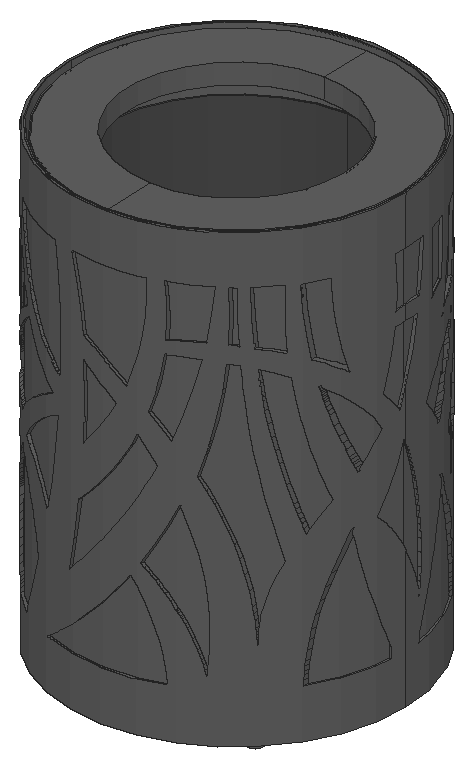
Revit family (continued)
Definition of nested family "Shell-Surface-SiteScapes-Circular-TallGrass_Large"
  Cuts and joins
    Extrusion 2, Extrusion 3, Extrusion 4, Extrusion 5 cuts Extrusion 1
  Lines and regions (in)
    Masking region 1, detail levels medium+fine
      outline origin (0, 0, 0) x (1, 0, 0) y (0, 0, 1)
        loop
          line (-12.5, 35.25) -> (-12.5, 1.25) -> (-10.25, 1.25) -> (-10.25, 0.25) -> (-10.16778, 0.25) -> (-10.16778, 0) -> (-6.01148, 0) -> (-6.01148, 0.25) -> (1.06173, 0.25) -> (1.06173, 0) -> (7.64429, 0) -> (7.64429, 0.25) -> (10.25, 0.25) -> (10.25, 1.25) -> (12.5, 1.25) -> (12.5, 35.25) -> (-12.5, 35.25)
    Masking region 2
      outline origin (0, 0, 35.25) x (1, 0, 0) y (0, 1, 0)
        loop
          circle (0, 0) r 12.5
    Masking region 3, detail levels medium+fine
      outline origin (0, 0, 0) x (0, 1, 0) y (0, 0, 1)
        loop
          line (-12.5, 1.25) -> (-10.25, 1.25) -> (-10.25, 0.25) -> (-7.6422, 0.25) -> (-7.6422, 0) -> (-1.08729, 0) -> (-1.08729, 0.25) -> (6.03707, 0.25) -> (6.03707, 0) -> (10.14221, 0) -> (10.14221, 0.25) -> (10.25, 0.25) -> (10.25, 1.25) -> (12.5, 1.25) -> (12.5, 35.25) -> (-12.5, 35.25) -> (-12.5, 1.25)
    model lines, style "Receptor Shell", detail levels coarse
      curve 1: arc (12.5, 0, 35.25) -> (0, 12.5, 35.25) -> (-12.5, 0, 35.25) r 12.5
      curve 2: arc (-12.5, 0, 35.25) -> (0, -12.5, 35.25) -> (12.5, 0, 35.25) r 12.5
      curve 3: arc (12.5, 0, 1.25) -> (0, 12.5, 1.25) -> (-12.5, 0, 1.25) r 12.5
      curve 4: arc (-12.5, 0, 1.25) -> (0, -12.5, 1.25) -> (12.5, 0, 1.25) r 12.5
      curve 5: line (-12.5, 0, 1.25) -> (-12.5, 0, 35.25)
      curve 6: line (12.5, 0, 1.25) -> (12.5, 0, 35.25)
      curve 7: line (0, -12.5, 1.25) -> (0, -12.5, 35.25)
      curve 8: line (0, 12.5, 1.25) -> (0, 12.5, 35.25)
      curve 9: arc (10.25, 0, 1.25) -> (0, 10.25, 1.25) -> (-10.25, 0, 1.25) r 10.25
      curve 10: arc (-10.25, 0, 1.25) -> (0, -10.25, 1.25) -> (10.25, 0, 1.25) r 10.25
      curve 11: arc (10.25, 0, 0.25) -> (0, 10.25, 0.25) -> (-10.25, 0, 0.25) r 10.25
      curve 12: arc (-10.25, 0, 0.25) -> (0, -10.25, 0.25) -> (10.25, 0, 0.25) r 10.25
      curve 13: line (0.01048, -12.3125, 1.25) -> (0.01048, 12.3125, 1.25)
      curve 14: line (12.3125, 0, 1.25) -> (-12.3125, 0, 1.25)
      curve 15: line (4.41942, -4.41942, 0) -> (7.42462, -7.42462, 0)
      curve 16: line (-6.03707, -1.6175, 0) -> (-10.14221, -2.71763, 0)
      curve 17: line (1.6175, 6.03707, 0) -> (2.71763, 10.14221, 0)
    symbolic lines, style "Receptor Shell", detail levels fine
      curve 18: line (-12.5, 0, 1.25) -> (12.5, 0, 1.25)
      curve 19: line (10.25, 0, 0.25) -> (-10.25, 0, 0.25)
      curve 197: line (0, -12.5, 1.25) -> (0, 12.5, 1.25)
      curve 198: line (0, 0, 0.25) -> (0, -10.25, 0.25)
      curve 199: line (0, 10.25, 0.25) -> (0, 0, 0.25)
    symbolic lines, style "Receptor Shell", detail levels medium+fine
      curve 20: line (-6.13627, 0, 25.47362) -> (-6.4965, 0, 26.01542)
      curve 21: line (-6.4965, 0, 26.01542) -> (-6.82738, 0, 26.57827)
      curve 22: line (-6.82738, 0, 26.57827) -> (-7.16822, 0, 27.24191)
      curve 23: line (-7.16822, 0, 27.24191) -> (-7.46927, 0, 27.92373)
      curve 24: line (-7.46927, 0, 27.92373) -> (-7.73235, 0, 28.62373)
      curve 25: line (-7.73235, 0, 28.62373) -> (-7.9592, 0, 29.3419)
      curve 26: line (-7.9592, 0, 29.3419) -> (-8.15146, 0, 30.07825)
      curve 27: line (-8.15146, 0, 30.07825) -> (-8.31058, 0, 30.83278)
      curve 28: line (-8.31058, 0, 30.83278) -> (-8.43788, 0, 31.60549)
      curve 29: line (-8.43788, 0, 31.60549) -> (-3.85894, 0, 31.60549)
      curve 30: arc (-3.85894, 0, 31.60549) -> (-3.38694, 0, 27.16557) -> (-3.34779, 0, 22.7008) r 45.98092
      curve 31: line (-3.34779, 0, 22.7008) -> (-3.57161, 0, 22.86319)
      curve 32: line (-3.57161, 0, 22.86319) -> (-3.75711, 0, 23.00173)
      curve 33: line (-3.75711, 0, 23.00173) -> (-3.91274, 0, 23.1227)
      curve 34: line (-3.91274, 0, 23.1227) -> (-4.09342, 0, 23.2694)
      curve 35: line (-4.09342, 0, 23.2694) -> (-4.27198, 0, 23.42037)
      curve 36: line (-4.27198, 0, 23.42037) -> (-4.81631, 0, 23.92114)
      curve 37: line (-4.81631, 0, 23.92114) -> (-5.32413, 0, 24.45321)
      curve 38: line (-5.32413, 0, 24.45321) -> (-5.74576, 0, 24.95289)
      curve 39: line (-5.74576, 0, 24.95289) -> (-6.13627, 0, 25.47362)
      curve 40: spline (1.75758, 0, 24.14871) -> (1.51451, 0, 24.3599) -> (1.26799, 0, 24.56778) -> (1.01811, 0, 24.77227) -> (0.76501, 0, 24.97326) -> (0.5088, 0, 25.17066) -> (0.24961, 0, 25.36438) -> (-0.01246, 0, 25.55431) -> (-0.27726, 0, 25.74039) -> (-0.54467, 0, 25.9225) -> (-0.81457, 0, 26.10058) -> (-1.08683, 0, 26.27453) -> (-1.36133, 0, 26.44427)
      curve 41: spline (-1.36133, 0, 26.44427) -> (-1.40337, 0, 26.88249) -> (-1.45236, 0, 27.31997) -> (-1.50828, 0, 27.7566) -> (-1.57111, 0, 28.19227) -> (-1.64084, 0, 28.62685) -> (-1.71745, 0, 29.06025) -> (-1.80092, 0, 29.49234) -> (-1.89123, 0, 29.92301) -> (-1.98835, 0, 30.35216) -> (-2.09227, 0, 30.77967) -> (-2.20295, 0, 31.20542) -> (-2.32036, 0, 31.62931)
      curve 42: line (-2.32036, 0, 31.62931) -> (3.06404, 0, 31.62931)
      curve 43: arc (3.06404, 0, 31.62931) -> (2.83041, 0, 27.81573) -> (1.75758, 0, 24.14871) r 17.13583
      curve 44: spline (4.2103, 0, 27.74938) -> (4.23203, 0, 28.07255) -> (4.24849, 0, 28.39608) -> (4.25967, 0, 28.71986) -> (4.26556, 0, 29.0438) -> (4.26617, 0, 29.3678) -> (4.26149, 0, 29.69176) -> (4.25153, 0, 30.01559) -> (4.23629, 0, 30.33919) -> (4.21578, 0, 30.66245) -> (4.18999, 0, 30.98529) -> (4.15894, 0, 31.30761) -> (4.12264, 0, 31.62931)
      curve 45: line (4.12264, 0, 31.62931) -> (6.81691, 0, 31.62931)
      curve 46: arc (6.81691, 0, 31.62931) -> (6.64623, 0, 29.75251) -> (6.38392, 0, 27.8863) r 38.49747
      curve 47: spline (6.38392, 0, 27.8863) -> (6.21036, 0, 27.88926) -> (6.03518, 0, 27.8896) -> (5.85843, 0, 27.88732) -> (5.6802, 0, 27.88242) -> (5.50056, 0, 27.8749) -> (5.3196, 0, 27.86476) -> (5.13738, 0, 27.85202) -> (4.95399, 0, 27.83667) -> (4.76951, 0, 27.81872) -> (4.58401, 0, 27.79818) -> (4.39758, 0, 27.77507) -> (4.2103, 0, 27.74938)
      curve 48: line (7.92971, 0, 27.7257) -> (7.44297, 0, 27.80438)
      curve 49: arc (7.44297, 0, 27.80438) -> (7.49709, 0, 29.71661) -> (7.46309, 0, 31.62931) r 41.52658
      curve 50: line (7.46309, 0, 31.62931) -> (7.87244, 0, 31.62931)
      curve 51: arc (7.87244, 0, 31.62931) -> (7.87539, 0, 29.67713) -> (7.92971, 0, 27.7257) r 74.17285
      curve 52: arc (8.58467, 0, 27.5701) -> (8.46606, 0, 29.59836) -> (8.41021, 0, 31.62931) r 65.71763
      curve 53: line (8.41021, 0, 31.62931) -> (9.81774, 0, 31.62931)
      curve 54: spline (9.81774, 0, 31.62931) -> (9.80908, 0, 31.24508) -> (9.80323, 0, 30.86071) -> (9.80019, 0, 30.47625) -> (9.79998, 0, 30.09176) -> (9.80258, 0, 29.7073) -> (9.808, 0, 29.32291) -> (9.81623, 0, 28.93865) -> (9.82728, 0, 28.55458) -> (9.84114, 0, 28.17075) -> (9.85782, 0, 27.78722) -> (9.8773, 0, 27.40403) -> (9.89959, 0, 27.02125)
      curve 55: arc (9.89959, 0, 27.02125) -> (9.2586, 0, 27.33513) -> (8.58467, 0, 27.5701) r 5.95752
      curve 56: spline (10.70103, 0, 26.43618) -> (10.65656, 0, 26.85788) -> (10.61494, 0, 27.28074) -> (10.57618, 0, 27.70467) -> (10.54027, 0, 28.12959) -> (10.50724, 0, 28.55542) -> (10.47709, 0, 28.98207) -> (10.44982, 0, 29.40946) -> (10.42543, 0, 29.83751) -> (10.40394, 0, 30.26614) -> (10.38535, 0, 30.69526) -> (10.36965, 0, 31.12478) -> (10.35686, 0, 31.55464)
      curve 57: line (10.35686, 0, 31.55464) -> (11.29809, 0, 31.55464)
      curve 58: line (11.29809, 0, 31.55464) -> (11.30066, 0, 31.24829)
      curve 59: line (11.30066, 0, 31.24829) -> (11.30382, 0, 30.98384)
      curve 60: line (11.30382, 0, 30.98384) -> (11.30758, 0, 30.7613)
      curve 61: line (11.30758, 0, 30.7613) -> (11.3133, 0, 30.51697)
      curve 62: line (11.3133, 0, 30.51697) -> (11.32077, 0, 30.25806)
      curve 63: line (11.32077, 0, 30.25806) -> (11.35388, 0, 29.43458)
      curve 64: line (11.35388, 0, 29.43458) -> (11.40076, 0, 28.61575)
      curve 65: line (11.40076, 0, 28.61575) -> (11.46964, 0, 27.69064)
      curve 66: line (11.46964, 0, 27.69064) -> (11.55312, 0, 26.77627)
      curve 67: line (11.55312, 0, 26.77627) -> (11.64909, 0, 25.87292)
      curve 68: line (11.64909, 0, 25.87292) -> (11.75493, 0, 24.98119)
      curve 69: spline (11.75493, 0, 24.98119) -> (11.68767, 0, 25.12051) -> (11.61654, 0, 25.25674) -> (11.5416, 0, 25.38981) -> (11.46286, 0, 25.51967) -> (11.38036, 0, 25.64625) -> (11.29415, 0, 25.76951) -> (11.20426, 0, 25.88938) -> (11.11072, 0, 26.00582) -> (11.01359, 0, 26.11876) -> (10.9129, 0, 26.22817) -> (10.8087, 0, 26.33399) -> (10.70103, 0, 26.43618)
      curve 70: spline (12.01428, 0, 27.02123) -> (11.9901, 0, 27.07961) -> (11.96462, 0, 27.13577) -> (11.93787, 0, 27.18969) -> (11.90984, 0, 27.24134) -> (11.88056, 0, 27.29069) -> (11.85004, 0, 27.33773) -> (11.8183, 0, 27.38243) -> (11.78534, 0, 27.42477) -> (11.75119, 0, 27.46472) -> (11.71586, 0, 27.50227) -> (11.67937, 0, 27.5374) -> (11.64174, 0, 27.5701)
      curve 71: spline (11.64174, 0, 27.5701) -> (11.63342, 0, 27.90781) -> (11.62567, 0, 28.24566) -> (11.61851, 0, 28.58363) -> (11.61193, 0, 28.92172) -> (11.60593, 0, 29.25991) -> (11.60051, 0, 29.59819) -> (11.59567, 0, 29.93656) -> (11.59141, 0, 30.275) -> (11.58774, 0, 30.61351) -> (11.58465, 0, 30.95207) -> (11.58213, 0, 31.29068) -> (11.58021, 0, 31.62931)
      curve 72: line (11.58021, 0, 31.62931) -> (11.99562, 0, 31.62931)
      curve 73: spline (11.99562, 0, 31.62931) -> (11.99363, 0, 31.24522) -> (11.99228, 0, 30.86106) -> (11.99157, 0, 30.47688) -> (11.99151, 0, 30.09268) -> (11.9921, 0, 29.70849) -> (11.99333, 0, 29.32433) -> (11.99521, 0, 28.94022) -> (11.99773, 0, 28.55619) -> (12.0009, 0, 28.17225) -> (12.00471, 0, 27.78843) -> (12.00917, 0, 27.40475) -> (12.01428, 0, 27.02123)
      curve 74: line (11.29658, 0, 24.03912) -> (11.50061, 0, 23.67804)
      curve 75: line (11.50061, 0, 23.67804) -> (11.67952, 0, 23.3015)
      curve 76: line (11.67952, 0, 23.3015) -> (11.83649, 0, 22.90634)
      curve 77: line (11.83649, 0, 22.90634) -> (11.97248, 0, 22.49381)
      curve 78: line (11.97248, 0, 22.49381) -> (12.0402, 0, 22.25456)
      curve 79: line (12.0402, 0, 22.25456) -> (12.10267, 0, 22.00757)
      curve 80: line (12.10267, 0, 22.00757) -> (12.13818, 0, 21.85301)
      curve 81: line (12.13818, 0, 21.85301) -> (12.16597, 0, 21.72272)
      curve 82: line (12.16597, 0, 21.72272) -> (12.19763, 0, 21.56347)
      curve 83: line (12.19763, 0, 21.56347) -> (12.23371, 0, 21.36835)
      curve 84: arc (12.23371, 0, 21.36835) -> (12.29232, 0, 20.89591) -> (12.34629, 0, 20.42291) r 48.51665
      curve 85: spline (12.34629, 0, 20.42291) -> (12.31995, 0, 20.24762) -> (12.29214, 0, 20.07127) -> (12.26288, 0, 19.8939) -> (12.23216, 0, 19.71552) -> (12.19998, 0, 19.53613) -> (12.16636, 0, 19.35577) -> (12.13129, 0, 19.17445) -> (12.09478, 0, 18.99218) -> (12.05683, 0, 18.80898) -> (12.01744, 0, 18.62488) -> (11.97662, 0, 18.43989) -> (11.93437, 0, 18.25402)
      curve 86: line (11.93437, 0, 18.25402) -> (11.8487, 0, 18.77253)
      curve 87: line (11.8487, 0, 18.77253) -> (11.81649, 0, 18.96761)
      curve 88: line (11.81649, 0, 18.96761) -> (11.78075, 0, 19.18251)
      curve 89: line (11.78075, 0, 19.18251) -> (11.74155, 0, 19.41755)
      curve 90: line (11.74155, 0, 19.41755) -> (11.65564, 0, 19.93161)
      curve 91: line (11.65564, 0, 19.93161) -> (11.24872, 0, 22.36788)
      curve 92: line (11.24872, 0, 22.36788) -> (11.07244, 0, 23.56674)
      curve 93: line (11.07244, 0, 23.56674) -> (11.02134, 0, 23.91746)
      curve 94: line (11.02134, 0, 23.91746) -> (10.99621, 0, 24.09724)
      curve 95: line (10.99621, 0, 24.09724) -> (10.97831, 0, 24.22563)
      curve 96: line (10.97831, 0, 24.22563) -> (10.93224, 0, 24.55837)
      curve 97: line (10.93224, 0, 24.55837) -> (11.02628, 0, 24.43551)
      curve 98: line (11.02628, 0, 24.43551) -> (11.10318, 0, 24.3307)
      curve 99: line (11.10318, 0, 24.3307) -> (11.16404, 0, 24.24396)
      curve 100: line (11.16404, 0, 24.24396) -> (11.22867, 0, 24.14673)
      curve 101: line (11.22867, 0, 24.14673) -> (11.29658, 0, 24.03912)
      curve 102: arc (6.1807, 0, 26.77572) -> (5.48291, 0, 23.92515) -> (4.53445, 0, 21.1479) r 32.97728
      curve 103: arc (4.53445, 0, 21.1479) -> (3.87199, 0, 21.98483) -> (3.1655, 0, 22.78495) r 19.85422
      curve 104: spline (3.1655, 0, 22.78495) -> (3.27781, 0, 23.10971) -> (3.38418, 0, 23.43655) -> (3.48458, 0, 23.76536) -> (3.57898, 0, 24.09602) -> (3.66733, 0, 24.42843) -> (3.74963, 0, 24.76247) -> (3.82583, 0, 25.09802) -> (3.8959, 0, 25.43498) -> (3.95984, 0, 25.77322) -> (4.0176, 0, 26.11264) -> (4.06918, 0, 26.45311) -> (4.11456, 0, 26.79453)
      curve 105: arc (4.11456, 0, 26.79453) -> (5.148, 0, 26.82595) -> (6.1807, 0, 26.77572) r 13.09102
      curve 106: arc (1.07604, 0, 22.72445) -> (-0.04649, 0, 20.9231) -> (-1.38315, 0, 19.27438) r 17.13131
      curve 107: arc (-1.38315, 0, 19.27438) -> (-1.30405, 0, 22.03793) -> (-1.36113, 0, 24.80203) r 56.1267
      curve 108: spline (-1.36113, 0, 24.80203) -> (-1.14667, 0, 24.64372) -> (-0.93405, 0, 24.48253) -> (-0.72333, 0, 24.31852) -> (-0.5146, 0, 24.15174) -> (-0.3079, 0, 23.98223) -> (-0.10333, 0, 23.81007) -> (0.09907, 0, 23.63531) -> (0.29922, 0, 23.45799) -> (0.49706, 0, 23.27819) -> (0.69251, 0, 23.09596) -> (0.88553, 0, 22.91136) -> (1.07604, 0, 22.72445)
      curve 109: arc (-1.71896, 0, 15.44531) -> (-2.0815, 0, 12.94399) -> (-2.55193, 0, 10.4607) r 58.40038
      curve 110: arc (3.74483, 0, 19.32879) -> (3.14196, 0, 20.2526) -> (2.48596, 0, 21.13945) r 18.80029
      curve 111: arc (-1.71896, 0, 15.44531) -> (0.65431, 0, 18.0924) -> (2.48596, 0, 21.13945) r 18.7726
      curve 112: arc (-2.55193, 0, 10.4607) -> (0.96906, 0, 14.63018) -> (3.74483, 0, 19.32879) r 32.58541
      curve 113: line (-4.78371, 0, 4.95965) -> (4.30675, 0, 4.95965)
      curve 114: arc (-4.78371, 0, 4.95965) -> (-1.09201, 0, 8.09311) -> (2.07091, 0, 11.75961) r 31.2282
      curve 115: arc (4.30675, 0, 4.95965) -> (3.60905, 0, 8.49781) -> (2.07091, 0, 11.75961) r 14.69987
      curve 116: arc (6.38318, 0, 5.87904) -> (5.05596, 0, 9.56198) -> (2.71402, 0, 12.699) r 13.3004
      curve 117: arc (6.38318, 0, 5.87904) -> (6.38784, 0, 11.51671) -> (4.95073, 0, 16.96813) r 21.86297
      curve 118: arc (2.71402, 0, 12.699) -> (3.93379, 0, 14.78043) -> (4.95073, 0, 16.96813) r 25.41871
      curve 119: arc (8.70044, 0, 8.22662) -> (7.95013, 0, 13.76962) -> (5.92621, 0, 18.98416) r 23.78792
      curve 120: arc (5.92621, 0, 18.98416) -> (6.85101, 0, 22.75154) -> (7.36218, 0, 26.59693) r 35.75143
      curve 121: arc (8.70044, 0, 8.22662) -> (8.96381, 0, 10.841) -> (9.82671, 0, 13.32288) r 11.24497
      curve 122: arc (9.82671, 0, 13.32288) -> (8.67647, 0, 19.84667) -> (7.99517, 0, 26.43595) r 92.67641
      curve 123: line (7.69434, 0, 26.51754) -> (7.36218, 0, 26.59693)
      curve 124: line (7.99517, 0, 26.43595) -> (7.69434, 0, 26.51754)
      curve 125: arc (10.01968, 0, 25.44555) -> (9.38371, 0, 25.8581) -> (8.70115, 0, 26.1879) r 6.05221
      curve 126: arc (10.5413, 0, 14.93193) -> (10.9301, 0, 15.87904) -> (11.33876, 0, 16.81774) r 48.57194
      curve 127: arc (8.70115, 0, 26.1879) -> (9.45677, 0, 20.53303) -> (10.5413, 0, 14.93193) r 97.66056
      curve 128: arc (11.33876, 0, 16.81774) -> (10.5607, 0, 21.11353) -> (10.01968, 0, 25.44555) r 79.478
      curve 129: arc (10.44326, 0, 4.95965) -> (10.87236, 0, 9.80538) -> (11.79577, 0, 14.58162) r 47.40957
      curve 130: arc (11.79577, 0, 14.58162) -> (12.17626, 0, 9.77453) -> (12.44056, 0, 4.95965) r 199.66396
      curve 131: line (10.44326, 0, 4.95965) -> (12.44056, 0, 4.95965)
      curve 132: arc (-7.42212, 0, 4.95965) -> (-6.54685, 0, 7.24906) -> (-5.75168, 0, 9.5675) r 70.51315
      curve 133: line (-9.127, 0, 4.95965) -> (-7.42212, 0, 4.95965)
      curve 134: arc (-8.25844, 0, 15.51156) -> (-6.63219, 0, 12.69678) -> (-5.75168, 0, 9.5675) r 13.05717
      curve 135: arc (-10.12808, 0, 11.10222) -> (-9.35583, 0, 13.37582) -> (-8.25844, 0, 15.51156) r 16.32514
      curve 136: arc (-10.12808, 0, 11.10222) -> (-9.52432, 0, 8.04776) -> (-9.127, 0, 4.95965) r 46.34637
      curve 137: arc (-4.69607, 0, 13.28746) -> (-5.80605, 0, 15.19303) -> (-7.42212, 0, 16.69356) r 7.50251
      curve 138: arc (-4.69607, 0, 13.28746) -> (-3.97906, 0, 16.7342) -> (-3.51481, 0, 20.22399) r 48.33908
      curve 139: arc (-7.42212, 0, 16.69356) -> (-5.67807, 0, 18.69075) -> (-3.51481, 0, 20.22399) r 11.2437
      curve 140: arc (-10.57251, 0, 13.31128) -> (-9.94387, 0, 15.07988) -> (-9.0264, 0, 16.71738) r 11.10754
      curve 141: arc (-10.57251, 0, 13.31128) -> (-10.64491, 0, 15.60993) -> (-10.63753, 0, 17.9097) r 66.28635
      curve 142: arc (-9.0264, 0, 16.71738) -> (-9.66495, 0, 17.45795) -> (-10.53811, 0, 17.89816) r 2.50887
      curve 143: arc (-8.33549, 0, 17.75785) -> (-9.38007, 0, 18.43633) -> (-10.62536, 0, 18.40903) r 2.11443
      curve 144: arc (-4.0818, 0, 21.31005) -> (-6.40772, 0, 19.77234) -> (-8.33549, 0, 17.75785) r 12.51586
      curve 145: line (-10.58408, 0, 19.53132) -> (-10.62536, 0, 18.40903)
      curve 146: arc (-10.58408, 0, 19.53132) -> (-9.12783, 0, 22.40999) -> (-6.96298, 0, 24.80181) r 12.10541
      curve 147: arc (-4.0818, 0, 21.31005) -> (-5.67361, 0, 22.93115) -> (-6.96298, 0, 24.80181) r 13.16451
      curve 148: arc (-7.254, 0, 25.33919) -> (-8.26307, 0, 27.83999) -> (-8.87282, 0, 30.46686) r 17.36629
      curve 149: arc (-10.48981, 0, 21.13991) -> (-9.15808, 0, 23.46007) -> (-7.254, 0, 25.33919) r 9.9046
      curve 150: arc (-10.48981, 0, 21.13991) -> (-9.9398, 0, 25.8482) -> (-8.87282, 0, 30.46686) r 42.82668
      curve 151: arc (-10.62536, 0, 26.44272) -> (-10.1184, 0, 29.06296) -> (-9.38596, 0, 31.62931) r 30.72204
      curve 152: arc (-10.62536, 0, 26.44272) -> (-11.11452, 0, 29.01295) -> (-11.11695, 0, 31.62931) r 14.00137
      curve 153: line (-9.38596, 0, 31.62931) -> (-11.11695, 0, 31.62931)
      curve 154: line (-11.48767, 0, 26.77572) -> (-11.99352, 0, 21.1479)
      curve 155: spline (-12.08333, 0, 26.79452) -> (-12.04763, 0, 26.80539) -> (-12.00934, 0, 26.814) -> (-11.96848, 0, 26.82035) -> (-11.92506, 0, 26.82443) -> (-11.87909, 0, 26.82626) -> (-11.8306, 0, 26.82582) -> (-11.7796, 0, 26.82312) -> (-11.72611, 0, 26.81815) -> (-11.67015, 0, 26.81093) -> (-11.61174, 0, 26.80145) -> (-11.55091, 0, 26.78971) -> (-11.48767, 0, 26.77572)
      curve 156: spline (-12.23086, 0, 22.78489) -> (-12.21761, 0, 23.11009) -> (-12.20452, 0, 23.43727) -> (-12.1916, 0, 23.76634) -> (-12.17884, 0, 24.09718) -> (-12.16626, 0, 24.42968) -> (-12.15385, 0, 24.76374) -> (-12.14162, 0, 25.09924) -> (-12.12958, 0, 25.43607) -> (-12.11773, 0, 25.77413) -> (-12.10606, 0, 26.1133) -> (-12.0946, 0, 26.45347) -> (-12.08333, 0, 26.79452)
      curve 157: spline (-11.99352, 0, 21.1479) -> (-12.01784, 0, 21.28952) -> (-12.04134, 0, 21.43023) -> (-12.06402, 0, 21.57004) -> (-12.08588, 0, 21.70892) -> (-12.10691, 0, 21.84686) -> (-12.12711, 0, 21.98384) -> (-12.14649, 0, 22.11985) -> (-12.16503, 0, 22.25488) -> (-12.18274, 0, 22.38892) -> (-12.19962, 0, 22.52194) -> (-12.21566, 0, 22.65393) -> (-12.23086, 0, 22.78489)
      curve 158: spline (-11.40721, 0, 27.88633) -> (-11.47745, 0, 27.88919) -> (-11.54496, 0, 27.88945) -> (-11.60971, 0, 27.88711) -> (-11.67167, 0, 27.88216) -> (-11.73083, 0, 27.87462) -> (-11.78714, 0, 27.86447) -> (-11.8406, 0, 27.85174) -> (-11.89117, 0, 27.83641) -> (-11.93883, 0, 27.81851) -> (-11.98357, 0, 27.79803) -> (-12.02536, 0, 27.77499) -> (-12.06419, 0, 27.74939)
      curve 159: spline (-11.22159, 0, 31.62931) -> (-11.23154, 0, 31.31574) -> (-11.24249, 0, 31.00238) -> (-11.25446, 0, 30.68928) -> (-11.26742, 0, 30.37644) -> (-11.28139, 0, 30.0639) -> (-11.29637, 0, 29.75167) -> (-11.31234, 0, 29.43979) -> (-11.32932, 0, 29.12827) -> (-11.3473, 0, 28.81715) -> (-11.36627, 0, 28.50643) -> (-11.38624, 0, 28.19615) -> (-11.40721, 0, 27.88633)
      curve 160: line (-11.22159, 0, 31.62931) -> (-12.08173, 0, 31.62931)
      curve 161: spline (-12.06419, 0, 27.74939) -> (-12.05975, 0, 28.07258) -> (-12.05639, 0, 28.39609) -> (-12.0541, 0, 28.71983) -> (-12.05288, 0, 29.04373) -> (-12.05273, 0, 29.36767) -> (-12.05366, 0, 29.69158) -> (-12.05566, 0, 30.01537) -> (-12.05874, 0, 30.33895) -> (-12.06288, 0, 30.66222) -> (-12.06809, 0, 30.9851) -> (-12.07438, 0, 31.30749) -> (-12.08173, 0, 31.62931)
      curve 162: line (-11.34383, 0, 9.66013) -> (-11.33565, 0, 8.7192)
      curve 163: line (-11.33565, 0, 8.7192) -> (-11.34372, 0, 7.77538)
      curve 164: line (-11.34372, 0, 7.77538) -> (-11.36785, 0, 6.82866)
      curve 165: spline (-11.36785, 0, 6.82866) -> (-11.37119, 0, 6.74953) -> (-11.37452, 0, 6.67039) -> (-11.37785, 0, 6.59126) -> (-11.38117, 0, 6.51213) -> (-11.38449, 0, 6.43299) -> (-11.3878, 0, 6.35386) -> (-11.3911, 0, 6.27472) -> (-11.3944, 0, 6.19559) -> (-11.39768, 0, 6.11645) -> (-11.40097, 0, 6.03732) -> (-11.40424, 0, 5.95818) -> (-11.40751, 0, 5.87904)
      curve 166: spline (-11.40751, 0, 5.87904) -> (-11.41046, 0, 5.91027) -> (-11.41341, 0, 5.9415) -> (-11.41634, 0, 5.97273) -> (-11.41928, 0, 6.00396) -> (-11.42221, 0, 6.03519) -> (-11.42513, 0, 6.06642) -> (-11.42805, 0, 6.09765) -> (-11.43096, 0, 6.12888) -> (-11.43387, 0, 6.16011) -> (-11.43677, 0, 6.19135) -> (-11.43966, 0, 6.22258) -> (-11.44256, 0, 6.25381)
      curve 167: spline (-11.44256, 0, 6.25381) -> (-11.44533, 0, 6.28161) -> (-11.4481, 0, 6.30941) -> (-11.45087, 0, 6.3372) -> (-11.45363, 0, 6.365) -> (-11.45639, 0, 6.3928) -> (-11.45914, 0, 6.4206) -> (-11.46189, 0, 6.4484) -> (-11.46463, 0, 6.4762) -> (-11.46737, 0, 6.504) -> (-11.4701, 0, 6.5318) -> (-11.47282, 0, 6.5596) -> (-11.47555, 0, 6.5874)
      curve 168: spline (-11.47555, 0, 6.5874) -> (-11.47824, 0, 6.61257) -> (-11.48094, 0, 6.63774) -> (-11.48363, 0, 6.66291) -> (-11.48631, 0, 6.68808) -> (-11.48899, 0, 6.71325) -> (-11.49166, 0, 6.73842) -> (-11.49433, 0, 6.76359) -> (-11.49699, 0, 6.78876) -> (-11.49965, 0, 6.81393) -> (-11.50231, 0, 6.8391) -> (-11.50496, 0, 6.86427) -> (-11.5076, 0, 6.88945)
      curve 169: spline (-11.5076, 0, 6.88945) -> (-11.51079, 0, 6.91719) -> (-11.51396, 0, 6.94494) -> (-11.51713, 0, 6.97268) -> (-11.52029, 0, 7.00043) -> (-11.52345, 0, 7.02817) -> (-11.5266, 0, 7.05592) -> (-11.52974, 0, 7.08367) -> (-11.53287, 0, 7.11142) -> (-11.536, 0, 7.13917) -> (-11.53912, 0, 7.16692) -> (-11.54224, 0, 7.19467) -> (-11.54534, 0, 7.22242)
      curve 170: spline (-11.54534, 0, 7.22242) -> (-11.54866, 0, 7.24978) -> (-11.55197, 0, 7.27713) -> (-11.55527, 0, 7.30449) -> (-11.55857, 0, 7.33185) -> (-11.56185, 0, 7.3592) -> (-11.56513, 0, 7.38656) -> (-11.5684, 0, 7.41392) -> (-11.57166, 0, 7.44128) -> (-11.57492, 0, 7.46864) -> (-11.57817, 0, 7.496) -> (-11.58141, 0, 7.52337) -> (-11.58464, 0, 7.55073)
      curve 171: spline (-11.58464, 0, 7.55073) -> (-11.59223, 0, 7.60789) -> (-11.59978, 0, 7.66505) -> (-11.60729, 0, 7.72222) -> (-11.61475, 0, 7.7794) -> (-11.62217, 0, 7.83658) -> (-11.62955, 0, 7.89376) -> (-11.63689, 0, 7.95095) -> (-11.64418, 0, 8.00814) -> (-11.65143, 0, 8.06534) -> (-11.65864, 0, 8.12254) -> (-11.66581, 0, 8.17975) -> (-11.67293, 0, 8.23696)
      curve 172: spline (-11.67293, 0, 8.23696) -> (-11.68099, 0, 8.29285) -> (-11.68899, 0, 8.34875) -> (-11.69693, 0, 8.40466) -> (-11.70483, 0, 8.46057) -> (-11.71267, 0, 8.51648) -> (-11.72045, 0, 8.57241) -> (-11.72818, 0, 8.62834) -> (-11.73586, 0, 8.68427) -> (-11.74348, 0, 8.74021) -> (-11.75105, 0, 8.79616) -> (-11.75857, 0, 8.85212) -> (-11.76603, 0, 8.90808)
      curve 173: spline (-11.76603, 0, 8.90808) -> (-11.77434, 0, 8.96254) -> (-11.78257, 0, 9.01702) -> (-11.79075, 0, 9.07151) -> (-11.79885, 0, 9.126) -> (-11.8069, 0, 9.1805) -> (-11.81487, 0, 9.23501) -> (-11.82278, 0, 9.28952) -> (-11.83062, 0, 9.34405) -> (-11.83839, 0, 9.39858) -> (-11.8461, 0, 9.45312) -> (-11.85375, 0, 9.50766) -> (-11.86132, 0, 9.56222)
      curve 174: spline (-11.86132, 0, 9.56222) -> (-11.8678, 0, 9.60393) -> (-11.87423, 0, 9.64566) -> (-11.8806, 0, 9.68738) -> (-11.88693, 0, 9.72912) -> (-11.89322, 0, 9.77086) -> (-11.89945, 0, 9.8126) -> (-11.90564, 0, 9.85435) -> (-11.91177, 0, 9.89611) -> (-11.91786, 0, 9.93787) -> (-11.9239, 0, 9.97963) -> (-11.92989, 0, 10.02141) -> (-11.93584, 0, 10.06318)
      curve 175: spline (-11.93584, 0, 10.06318) -> (-11.94217, 0, 10.10379) -> (-11.94846, 0, 10.1444) -> (-11.95468, 0, 10.18501) -> (-11.96086, 0, 10.22563) -> (-11.96697, 0, 10.26626) -> (-11.97303, 0, 10.3069) -> (-11.97904, 0, 10.34754) -> (-11.98499, 0, 10.38818) -> (-11.99089, 0, 10.42883) -> (-11.99673, 0, 10.46949) -> (-12.00252, 0, 10.51015) -> (-12.00825, 0, 10.55082)
      curve 176: spline (-12.00825, 0, 10.55082) -> (-12.01432, 0, 10.59032) -> (-12.02034, 0, 10.62981) -> (-12.02629, 0, 10.66932) -> (-12.03218, 0, 10.70883) -> (-12.038, 0, 10.74835) -> (-12.04377, 0, 10.78787) -> (-12.04947, 0, 10.8274) -> (-12.05511, 0, 10.86693) -> (-12.06069, 0, 10.90648) -> (-12.0662, 0, 10.94602) -> (-12.07166, 0, 10.98558) -> (-12.07705, 0, 11.02514)
      curve 177: spline (-12.07705, 0, 11.02514) -> (-12.08011, 0, 11.0462) -> (-12.08315, 0, 11.06726) -> (-12.08617, 0, 11.08833) -> (-12.08917, 0, 11.1094) -> (-12.09215, 0, 11.13047) -> (-12.09511, 0, 11.15154) -> (-12.09805, 0, 11.17261) -> (-12.10097, 0, 11.19369) -> (-12.10387, 0, 11.21477) -> (-12.10675, 0, 11.23585) -> (-12.1096, 0, 11.25693) -> (-12.11244, 0, 11.27801)
      curve 178: spline (-12.11244, 0, 11.27801) -> (-12.11535, 0, 11.29868) -> (-12.11823, 0, 11.31935) -> (-12.1211, 0, 11.34002) -> (-12.12394, 0, 11.36069) -> (-12.12676, 0, 11.38137) -> (-12.12956, 0, 11.40204) -> (-12.13234, 0, 11.42272) -> (-12.1351, 0, 11.4434) -> (-12.13783, 0, 11.46409) -> (-12.14054, 0, 11.48477) -> (-12.14324, 0, 11.50545) -> (-12.14591, 0, 11.52614)
      curve 179: spline (-12.14591, 0, 11.52614) -> (-12.14864, 0, 11.54646) -> (-12.15136, 0, 11.56679) -> (-12.15405, 0, 11.58711) -> (-12.15672, 0, 11.60744) -> (-12.15936, 0, 11.62777) -> (-12.16198, 0, 11.6481) -> (-12.16458, 0, 11.66844) -> (-12.16716, 0, 11.68877) -> (-12.16972, 0, 11.70911) -> (-12.17225, 0, 11.72945) -> (-12.17476, 0, 11.74979) -> (-12.17724, 0, 11.77013)
      curve 180: spline (-12.17724, 0, 11.77013) -> (-12.17974, 0, 11.7898) -> (-12.18222, 0, 11.80948) -> (-12.18468, 0, 11.82916) -> (-12.18711, 0, 11.84883) -> (-12.18952, 0, 11.86852) -> (-12.19191, 0, 11.8882) -> (-12.19427, 0, 11.90788) -> (-12.19661, 0, 11.92757) -> (-12.19892, 0, 11.94725) -> (-12.20121, 0, 11.96694) -> (-12.20348, 0, 11.98663) -> (-12.20572, 0, 12.00632)
      curve 181: spline (-12.20572, 0, 12.00632) -> (-12.20787, 0, 12.02438) -> (-12.20999, 0, 12.04244) -> (-12.21209, 0, 12.0605) -> (-12.21417, 0, 12.07856) -> (-12.21623, 0, 12.09662) -> (-12.21827, 0, 12.11469) -> (-12.22028, 0, 12.13275) -> (-12.22227, 0, 12.15082) -> (-12.22424, 0, 12.16889) -> (-12.22619, 0, 12.18696) -> (-12.22812, 0, 12.20503) -> (-12.23002, 0, 12.2231)
      curve 182: spline (-12.23002, 0, 12.2231) -> (-12.23212, 0, 12.24233) -> (-12.23419, 0, 12.26157) -> (-12.23624, 0, 12.2808) -> (-12.23825, 0, 12.30004) -> (-12.24024, 0, 12.31928) -> (-12.2422, 0, 12.33852) -> (-12.24414, 0, 12.35776) -> (-12.24605, 0, 12.377) -> (-12.24793, 0, 12.39625) -> (-12.24978, 0, 12.41549) -> (-12.25161, 0, 12.43474) -> (-12.25341, 0, 12.45399)
      curve 183: spline (-12.25341, 0, 12.45399) -> (-12.25537, 0, 12.4744) -> (-12.25729, 0, 12.49481) -> (-12.25918, 0, 12.51522) -> (-12.26104, 0, 12.53563) -> (-12.26286, 0, 12.55605) -> (-12.26465, 0, 12.57647) -> (-12.26641, 0, 12.59688) -> (-12.26813, 0, 12.6173) -> (-12.26982, 0, 12.63773) -> (-12.27148, 0, 12.65815) -> (-12.27311, 0, 12.67857) -> (-12.2747, 0, 12.699)
      curve 184: line (-12.2747, 0, 12.699) -> (-11.8892, 0, 16.96813)
      curve 185: spline (-11.8892, 0, 16.96813) -> (-11.88647, 0, 16.94344) -> (-11.88374, 0, 16.91875) -> (-11.881, 0, 16.89405) -> (-11.87825, 0, 16.86936) -> (-11.87549, 0, 16.84467) -> (-11.87273, 0, 16.81998) -> (-11.86995, 0, 16.79529) -> (-11.86716, 0, 16.7706) -> (-11.86437, 0, 16.74591) -> (-11.86156, 0, 16.72123) -> (-11.85875, 0, 16.69654) -> (-11.85593, 0, 16.67186)
      curve 186: spline (-11.85593, 0, 16.67186) -> (-11.85359, 0, 16.65091) -> (-11.85125, 0, 16.62996) -> (-11.8489, 0, 16.60902) -> (-11.84655, 0, 16.58807) -> (-11.84419, 0, 16.56712) -> (-11.84182, 0, 16.54618) -> (-11.83945, 0, 16.52524) -> (-11.83707, 0, 16.50429) -> (-11.83468, 0, 16.48335) -> (-11.83229, 0, 16.46241) -> (-11.82989, 0, 16.44147) -> (-11.82749, 0, 16.42053)
      curve 187: spline (-11.82749, 0, 16.42053) -> (-11.82555, 0, 16.40305) -> (-11.82362, 0, 16.38559) -> (-11.82168, 0, 16.36812) -> (-11.81973, 0, 16.35065) -> (-11.81778, 0, 16.33318) -> (-11.81583, 0, 16.31571) -> (-11.81387, 0, 16.29824) -> (-11.81191, 0, 16.28077) -> (-11.80995, 0, 16.26331) -> (-11.80798, 0, 16.24584) -> (-11.806, 0, 16.22837) -> (-11.80403, 0, 16.21091)
      curve 188: spline (-11.80403, 0, 16.21091) -> (-11.80174, 0, 16.18978) -> (-11.79945, 0, 16.16865) -> (-11.79715, 0, 16.14752) -> (-11.79485, 0, 16.1264) -> (-11.79254, 0, 16.10527) -> (-11.79023, 0, 16.08414) -> (-11.78791, 0, 16.06302) -> (-11.78559, 0, 16.04189) -> (-11.78326, 0, 16.02077) -> (-11.78092, 0, 15.99964) -> (-11.77858, 0, 15.97852) -> (-11.77623, 0, 15.9574)
      curve 189: spline (-11.77623, 0, 15.9574) -> (-11.77058, 0, 15.90255) -> (-11.7649, 0, 15.84771) -> (-11.75919, 0, 15.79288) -> (-11.75344, 0, 15.73804) -> (-11.74767, 0, 15.68321) -> (-11.74186, 0, 15.62838) -> (-11.73602, 0, 15.57355) -> (-11.73015, 0, 15.51873) -> (-11.72424, 0, 15.46391) -> (-11.71831, 0, 15.40909) -> (-11.71234, 0, 15.35428) -> (-11.70634, 0, 15.29947)
      curve 190: spline (-11.70634, 0, 15.29947) -> (-11.70096, 0, 15.24416) -> (-11.69555, 0, 15.18886) -> (-11.69011, 0, 15.13355) -> (-11.68464, 0, 15.07825) -> (-11.67915, 0, 15.02296) -> (-11.67364, 0, 14.96766) -> (-11.6681, 0, 14.91237) -> (-11.66253, 0, 14.85708) -> (-11.65694, 0, 14.80179) -> (-11.65132, 0, 14.7465) -> (-11.64568, 0, 14.69122) -> (-11.64001, 0, 14.63594)
      curve 191: spline (-11.64001, 0, 14.63594) -> (-11.63431, 0, 14.57221) -> (-11.62859, 0, 14.50848) -> (-11.62284, 0, 14.44476) -> (-11.61707, 0, 14.38104) -> (-11.61127, 0, 14.31732) -> (-11.60544, 0, 14.2536) -> (-11.59959, 0, 14.18989) -> (-11.59371, 0, 14.12618) -> (-11.58781, 0, 14.06247) -> (-11.58188, 0, 13.99876) -> (-11.57592, 0, 13.93505) -> (-11.56994, 0, 13.87135)
      curve 192: spline (-11.56994, 0, 13.87135) -> (-11.56481, 0, 13.807) -> (-11.55966, 0, 13.74266) -> (-11.55449, 0, 13.67831) -> (-11.54931, 0, 13.61396) -> (-11.5441, 0, 13.54962) -> (-11.53887, 0, 13.48528) -> (-11.53363, 0, 13.42094) -> (-11.52836, 0, 13.3566) -> (-11.52308, 0, 13.29226) -> (-11.51778, 0, 13.22793) -> (-11.51245, 0, 13.16359) -> (-11.50711, 0, 13.09926)
      curve 193: spline (-11.50711, 0, 13.09926) -> (-11.50266, 0, 13.03443) -> (-11.4982, 0, 12.9696) -> (-11.49372, 0, 12.90477) -> (-11.48923, 0, 12.83994) -> (-11.48473, 0, 12.77512) -> (-11.48021, 0, 12.71029) -> (-11.47568, 0, 12.64547) -> (-11.47113, 0, 12.58064) -> (-11.46658, 0, 12.51582) -> (-11.462, 0, 12.451) -> (-11.45742, 0, 12.38618) -> (-11.45282, 0, 12.32136)
      curve 194: spline (-11.45282, 0, 12.32136) -> (-11.44913, 0, 12.25604) -> (-11.44544, 0, 12.19073) -> (-11.44173, 0, 12.12542) -> (-11.43802, 0, 12.06011) -> (-11.4343, 0, 11.9948) -> (-11.43057, 0, 11.92949) -> (-11.42683, 0, 11.86418) -> (-11.42308, 0, 11.79887) -> (-11.41933, 0, 11.73356) -> (-11.41556, 0, 11.66825) -> (-11.41179, 0, 11.60294) -> (-11.408, 0, 11.53763)
      curve 195: spline (-11.408, 0, 11.53763) -> (-11.40471, 0, 11.45934) -> (-11.40141, 0, 11.38105) -> (-11.39811, 0, 11.30276) -> (-11.3948, 0, 11.22447) -> (-11.39148, 0, 11.14618) -> (-11.38815, 0, 11.06789) -> (-11.38482, 0, 10.9896) -> (-11.38148, 0, 10.91131) -> (-11.37814, 0, 10.83302) -> (-11.37479, 0, 10.75474) -> (-11.37143, 0, 10.67645) -> (-11.36806, 0, 10.59816)
      curve 196: line (-11.36806, 0, 10.59816) -> (-11.34383, 0, 9.66013)
      curve 200: spline (0, -4.96965, 27.69064) -> (0, -4.95356, 27.61437) -> (0, -4.9374, 27.53811) -> (0, -4.92118, 27.46187) -> (0, -4.90489, 27.38564) -> (0, -4.88855, 27.30942) -> (0, -4.87214, 27.23321) -> (0, -4.85566, 27.15702) -> (0, -4.83913, 27.08084) -> (0, -4.82253, 27.00468) -> (0, -4.80587, 26.92853) -> (0, -4.78915, 26.85239) -> (0, -4.77237, 26.77627)
      curve 201: spline (0, -4.77237, 26.77627) -> (0, -4.75294, 26.70086) -> (0, -4.73341, 26.62547) -> (0, -4.7138, 26.5501) -> (0, -4.69409, 26.47476) -> (0, -4.67429, 26.39945) -> (0, -4.65439, 26.32416) -> (0, -4.6344, 26.24889) -> (0, -4.61432, 26.17364) -> (0, -4.59415, 26.09843) -> (0, -4.57388, 26.02323) -> (0, -4.55352, 25.94806) -> (0, -4.53307, 25.87292)
      curve 202: spline (0, -4.53307, 25.87292) -> (0, -4.51028, 25.79835) -> (0, -4.48736, 25.72382) -> (0, -4.4643, 25.64934) -> (0, -4.44112, 25.57489) -> (0, -4.4178, 25.50049) -> (0, -4.39435, 25.42612) -> (0, -4.37078, 25.35179) -> (0, -4.34707, 25.27751) -> (0, -4.32323, 25.20327) -> (0, -4.29926, 25.12907) -> (0, -4.27516, 25.05491) -> (0, -4.25093, 24.98079)
      curve 203: spline (0, -4.25093, 24.98079) -> (0, -4.43172, 25.12017) -> (0, -4.61338, 25.25645) -> (0, -4.79585, 25.38958) -> (0, -4.97904, 25.51949) -> (0, -5.16286, 25.64612) -> (0, -5.34724, 25.76943) -> (0, -5.53209, 25.88935) -> (0, -5.71733, 26.00582) -> (0, -5.90288, 26.11881) -> (0, -6.08865, 26.22826) -> (0, -6.27457, 26.33411) -> (0, -6.46054, 26.43633)
      curve 204: spline (0, -6.46054, 26.43633) -> (0, -6.53393, 26.85802) -> (0, -6.60217, 27.28087) -> (0, -6.66524, 27.70479) -> (0, -6.72314, 28.1297) -> (0, -6.77586, 28.55551) -> (0, -6.82338, 28.98215) -> (0, -6.86569, 29.40953) -> (0, -6.90278, 29.83756) -> (0, -6.93466, 30.26618) -> (0, -6.96131, 30.69528) -> (0, -6.98272, 31.1248) -> (0, -6.9989, 31.55464)
      curve 205: line (0, -6.9989, 31.55464) -> (0, -5.34819, 31.55464)
      curve 206: line (0, -5.34819, 31.55464) -> (0, -5.34276, 31.24829)
      curve 207: line (0, -5.34276, 31.24829) -> (0, -5.33606, 30.98384)
      curve 208: line (0, -5.33606, 30.98384) -> (0, -5.3281, 30.7613)
      curve 209: line (0, -5.3281, 30.7613) -> (0, -5.31594, 30.51697)
      curve 210: line (0, -5.31594, 30.51697) -> (0, -5.30001, 30.25806)
      curve 211: spline (0, -5.30001, 30.25806) -> (0, -5.29412, 30.18944) -> (0, -5.28821, 30.12081) -> (0, -5.2823, 30.05218) -> (0, -5.27637, 29.98356) -> (0, -5.27044, 29.91493) -> (0, -5.26451, 29.84631) -> (0, -5.25856, 29.77769) -> (0, -5.2526, 29.70907) -> (0, -5.24664, 29.64044) -> (0, -5.24067, 29.57182) -> (0, -5.23469, 29.5032) -> (0, -5.22871, 29.43458)
      curve 212: spline (0, -5.22871, 29.43458) -> (0, -5.22021, 29.36634) -> (0, -5.2117, 29.29809) -> (0, -5.20318, 29.22985) -> (0, -5.19463, 29.1616) -> (0, -5.18607, 29.09336) -> (0, -5.1775, 29.02513) -> (0, -5.1689, 28.95689) -> (0, -5.16029, 28.88866) -> (0, -5.15166, 28.82043) -> (0, -5.14302, 28.7522) -> (0, -5.13436, 28.68397) -> (0, -5.12568, 28.61575)
      curve 213: spline (0, -5.12568, 28.61575) -> (0, -5.11289, 28.53862) -> (0, -5.10006, 28.4615) -> (0, -5.0872, 28.38438) -> (0, -5.07429, 28.30727) -> (0, -5.06135, 28.23017) -> (0, -5.04837, 28.15308) -> (0, -5.03535, 28.07599) -> (0, -5.02228, 27.99891) -> (0, -5.00919, 27.92183) -> (0, -4.99605, 27.84476) -> (0, -4.98287, 27.7677) -> (0, -4.96965, 27.69064)
      curve 214: spline (0, -7.73705, 31.62931) -> (0, -7.74804, 31.24508) -> (0, -7.75544, 30.86071) -> (0, -7.75925, 30.47625) -> (0, -7.75947, 30.09176) -> (0, -7.75609, 29.7073) -> (0, -7.74913, 29.32291) -> (0, -7.73858, 28.93865) -> (0, -7.72444, 28.55458) -> (0, -7.70671, 28.17075) -> (0, -7.6854, 27.78722) -> (0, -7.66051, 27.40403) -> (0, -7.63204, 27.02125)
      curve 215: spline (0, -7.63204, 27.02125) -> (0, -7.75863, 27.07675) -> (0, -7.88435, 27.13052) -> (0, -8.00915, 27.18255) -> (0, -8.13301, 27.23282) -> (0, -8.2559, 27.28132) -> (0, -8.37777, 27.32803) -> (0, -8.4986, 27.37294) -> (0, -8.61835, 27.41604) -> (0, -8.73698, 27.45732) -> (0, -8.85447, 27.49676) -> (0, -8.97079, 27.53436) -> (0, -9.0859, 27.5701)
      curve 216: spline (0, -9.0859, 27.5701) -> (0, -9.10855, 27.90744) -> (0, -9.12954, 28.245) -> (0, -9.14886, 28.58277) -> (0, -9.16651, 28.92074) -> (0, -9.1825, 29.25888) -> (0, -9.19681, 29.59718) -> (0, -9.20946, 29.93561) -> (0, -9.22043, 30.27417) -> (0, -9.22973, 30.61284) -> (0, -9.23736, 30.9516) -> (0, -9.24332, 31.29043) -> (0, -9.24761, 31.62931)
      curve 217: line (0, -9.24761, 31.62931) -> (0, -7.73705, 31.62931)
      curve 218: spline (0, -10.04252, 27.80438) -> (0, -10.03128, 28.12275) -> (0, -10.02185, 28.44128) -> (0, -10.01424, 28.75995) -> (0, -10.00845, 29.07873) -> (0, -10.00448, 29.39758) -> (0, -10.00232, 29.71649) -> (0, -10.00199, 30.03541) -> (0, -10.00347, 30.35433) -> (0, -10.00677, 30.6732) -> (0, -10.01189, 30.99201) -> (0, -10.01883, 31.31073) -> (0, -10.02758, 31.62931)
      curve 219: spline (0, -9.6628, 27.7257) -> (0, -9.69537, 27.73215) -> (0, -9.72776, 27.73861) -> (0, -9.76, 27.74509) -> (0, -9.79206, 27.7516) -> (0, -9.82396, 27.75812) -> (0, -9.85569, 27.76467) -> (0, -9.88726, 27.77124) -> (0, -9.91865, 27.77782) -> (0, -9.94987, 27.78443) -> (0, -9.98092, 27.79106) -> (0, -10.01181, 27.79771) -> (0, -10.04252, 27.80438)
      curve 220: spline (0, -9.70952, 31.62931) -> (0, -9.71202, 31.30392) -> (0, -9.71336, 30.9785) -> (0, -9.71353, 30.65308) -> (0, -9.71254, 30.32766) -> (0, -9.71039, 30.00226) -> (0, -9.70708, 29.67688) -> (0, -9.70261, 29.35154) -> (0, -9.69697, 29.02624) -> (0, -9.69017, 28.70099) -> (0, -9.68221, 28.37582) -> (0, -9.67308, 28.05072) -> (0, -9.6628, 27.7257)
      curve 221: line (0, -9.70952, 31.62931) -> (0, -10.02758, 31.62931)
      curve 222: arc (0, -11.7696, 27.74932) -> (0, -11.74204, 29.68966) -> (0, -11.80058, 31.62931) r 43.73481
      curve 223: arc (0, -11.7696, 27.74932) -> (0, -11.26507, 27.86883) -> (0, -10.74688, 27.88637) r 2.61306
      curve 224: arc (0, -10.74688, 27.88637) -> (0, -10.58593, 29.75595) -> (0, -10.47758, 31.62931) r 66.75071
      curve 225: line (0, -10.47758, 31.62931) -> (0, -11.80058, 31.62931)
      curve 226: spline (0, -12.09254, 22.78493) -> (0, -12.06287, 23.10969) -> (0, -12.03418, 23.43653) -> (0, -12.00649, 23.76534) -> (0, -11.9798, 24.096) -> (0, -11.95413, 24.42841) -> (0, -11.92947, 24.76245) -> (0, -11.90584, 25.09801) -> (0, -11.88325, 25.43497) -> (0, -11.86171, 25.77321) -> (0, -11.84122, 26.11263) -> (0, -11.82179, 26.45311) -> (0, -11.80342, 26.79453)
      curve 227: spline (0, -11.80342, 26.79453) -> (0, -11.73979, 26.80536) -> (0, -11.67342, 26.81395) -> (0, -11.60434, 26.82028) -> (0, -11.53257, 26.82436) -> (0, -11.45814, 26.82618) -> (0, -11.38108, 26.82573) -> (0, -11.3014, 26.82304) -> (0, -11.21916, 26.81808) -> (0, -11.13436, 26.81086) -> (0, -11.04706, 26.8014) -> (0, -10.95727, 26.78968) -> (0, -10.86503, 26.77572)
      curve 228: line (0, -10.86503, 26.77572) -> (0, -11.64855, 21.1479)
      curve 229: spline (0, -11.64855, 21.1479) -> (0, -11.68953, 21.28926) -> (0, -11.7298, 21.42977) -> (0, -11.76936, 21.56941) -> (0, -11.80819, 21.70817) -> (0, -11.8463, 21.84603) -> (0, -11.88369, 21.98299) -> (0, -11.92034, 22.11903) -> (0, -11.95626, 22.25413) -> (0, -11.99145, 22.38828) -> (0, -12.02589, 22.52147) -> (0, -12.05959, 22.6537) -> (0, -12.09254, 22.78493)
      curve 230: line (0, -11.00591, 18.98416) -> (0, -10.10189, 26.59693)
      curve 231: spline (0, -10.10189, 26.59693) -> (0, -10.08144, 26.59024) -> (0, -10.06091, 26.58357) -> (0, -10.04029, 26.5769) -> (0, -10.0196, 26.57025) -> (0, -9.99883, 26.56362) -> (0, -9.97798, 26.557) -> (0, -9.95706, 26.55039) -> (0, -9.93605, 26.54379) -> (0, -9.91497, 26.53721) -> (0, -9.89381, 26.53064) -> (0, -9.87257, 26.52408) -> (0, -9.85125, 26.51754)
      curve 232: spline (0, -9.85125, 26.51754) -> (0, -9.8314, 26.51067) -> (0, -9.81149, 26.50381) -> (0, -9.79151, 26.49696) -> (0, -9.77147, 26.49013) -> (0, -9.75135, 26.48331) -> (0, -9.73117, 26.4765) -> (0, -9.71093, 26.46971) -> (0, -9.69061, 26.46293) -> (0, -9.67024, 26.45616) -> (0, -9.64979, 26.44941) -> (0, -9.62928, 26.44267) -> (0, -9.60871, 26.43595)
      curve 233: line (0, -9.60871, 26.43595) -> (0, -9.58162, 25.93729)
      curve 234: spline (0, -9.58162, 25.93729) -> (0, -9.57945, 25.89969) -> (0, -9.57728, 25.86209) -> (0, -9.57511, 25.82448) -> (0, -9.57293, 25.78688) -> (0, -9.57076, 25.74928) -> (0, -9.56858, 25.71167) -> (0, -9.5664, 25.67407) -> (0, -9.56422, 25.63647) -> (0, -9.56204, 25.59886) -> (0, -9.55986, 25.56126) -> (0, -9.55767, 25.52366) -> (0, -9.55549, 25.48605)
      curve 235: spline (0, -9.55549, 25.48605) -> (0, -9.5534, 25.4524) -> (0, -9.5513, 25.41875) -> (0, -9.54921, 25.38509) -> (0, -9.54711, 25.35144) -> (0, -9.54502, 25.31779) -> (0, -9.54292, 25.28413) -> (0, -9.54082, 25.25048) -> (0, -9.53872, 25.21683) -> (0, -9.53662, 25.18318) -> (0, -9.53452, 25.14952) -> (0, -9.53242, 25.11587) -> (0, -9.53031, 25.08222)
      curve 236: spline (0, -9.53031, 25.08222) -> (0, -9.52823, 25.05147) -> (0, -9.52614, 25.02072) -> (0, -9.52405, 24.98996) -> (0, -9.52196, 24.95921) -> (0, -9.51987, 24.92846) -> (0, -9.51778, 24.89771) -> (0, -9.51569, 24.86696) -> (0, -9.5136, 24.83621) -> (0, -9.51151, 24.80546) -> (0, -9.50941, 24.77471) -> (0, -9.50731, 24.74395) -> (0, -9.50522, 24.7132)
      curve 237: spline (0, -9.50522, 24.7132) -> (0, -9.50256, 24.67706) -> (0, -9.49991, 24.64092) -> (0, -9.49725, 24.60478) -> (0, -9.49459, 24.56864) -> (0, -9.49193, 24.5325) -> (0, -9.48927, 24.49636) -> (0, -9.48661, 24.46022) -> (0, -9.48394, 24.42408) -> (0, -9.48127, 24.38795) -> (0, -9.4786, 24.35181) -> (0, -9.47593, 24.31567) -> (0, -9.47326, 24.27953)
      curve 238: spline (0, -9.47326, 24.27953) -> (0, -9.47044, 24.24367) -> (0, -9.46761, 24.20782) -> (0, -9.46478, 24.17197) -> (0, -9.46195, 24.13611) -> (0, -9.45912, 24.10026) -> (0, -9.45629, 24.06441) -> (0, -9.45345, 24.02856) -> (0, -9.45062, 23.9927) -> (0, -9.44778, 23.95685) -> (0, -9.44493, 23.921) -> (0, -9.44209, 23.88515) -> (0, -9.43925, 23.84929)
      curve 239: spline (0, -9.43925, 23.84929) -> (0, -9.43128, 23.75884) -> (0, -9.4233, 23.66839) -> (0, -9.41531, 23.57793) -> (0, -9.4073, 23.48748) -> (0, -9.39927, 23.39703) -> (0, -9.39123, 23.30658) -> (0, -9.38318, 23.21613) -> (0, -9.3751, 23.12569) -> (0, -9.36702, 23.03524) -> (0, -9.35891, 22.9448) -> (0, -9.35079, 22.85436) -> (0, -9.34266, 22.76392)
      curve 240: spline (0, -9.34266, 22.76392) -> (0, -9.33336, 22.67324) -> (0, -9.32404, 22.58257) -> (0, -9.31471, 22.49191) -> (0, -9.30535, 22.40124) -> (0, -9.29597, 22.31057) -> (0, -9.28657, 22.21991) -> (0, -9.27715, 22.12925) -> (0, -9.2677, 22.03859) -> (0, -9.25824, 21.94794) -> (0, -9.24875, 21.85728) -> (0, -9.23925, 21.76663) -> (0, -9.22972, 21.67598)
      curve 241: spline (0, -9.22972, 21.67598) -> (0, -9.21909, 21.58562) -> (0, -9.20844, 21.49525) -> (0, -9.19775, 21.40489) -> (0, -9.18704, 21.31453) -> (0, -9.1763, 21.22418) -> (0, -9.16554, 21.13383) -> (0, -9.15475, 21.04348) -> (0, -9.14393, 20.95314) -> (0, -9.13308, 20.86279) -> (0, -9.12221, 20.77245) -> (0, -9.11131, 20.68212) -> (0, -9.10039, 20.59179)
      curve 242: spline (0, -9.10039, 20.59179) -> (0, -9.08382, 20.46961) -> (0, -9.06719, 20.34744) -> (0, -9.05049, 20.22528) -> (0, -9.03373, 20.10313) -> (0, -9.0169, 19.98099) -> (0, -9.00001, 19.85885) -> (0, -8.98306, 19.73673) -> (0, -8.96604, 19.61461) -> (0, -8.94895, 19.49251) -> (0, -8.9318, 19.37041) -> (0, -8.91458, 19.24832) -> (0, -8.8973, 19.12624)
      curve 243: spline (0, -8.8973, 19.12624) -> (0, -8.8781, 19.00499) -> (0, -8.85881, 18.88375) -> (0, -8.83943, 18.76252) -> (0, -8.81997, 18.64131) -> (0, -8.80042, 18.52011) -> (0, -8.78079, 18.39893) -> (0, -8.76108, 18.27776) -> (0, -8.74128, 18.1566) -> (0, -8.72139, 18.03545) -> (0, -8.70142, 17.91432) -> (0, -8.68137, 17.7932) -> (0, -8.66123, 17.6721)
      curve 244: spline (0, -8.66123, 17.6721) -> (0, -8.63912, 17.551) -> (0, -8.61691, 17.42991) -> (0, -8.59459, 17.30885) -> (0, -8.57216, 17.1878) -> (0, -8.54962, 17.06678) -> (0, -8.52697, 16.94577) -> (0, -8.50421, 16.82479) -> (0, -8.48134, 16.70382) -> (0, -8.45836, 16.58288) -> (0, -8.43527, 16.46195) -> (0, -8.41208, 16.34105) -> (0, -8.38877, 16.22016)
      curve 245: spline (0, -8.38877, 16.22016) -> (0, -8.36361, 16.09919) -> (0, -8.3383, 15.97825) -> (0, -8.31286, 15.85734) -> (0, -8.28729, 15.73646) -> (0, -8.26157, 15.6156) -> (0, -8.23571, 15.49478) -> (0, -8.20972, 15.37398) -> (0, -8.18359, 15.25321) -> (0, -8.15732, 15.13247) -> (0, -8.13092, 15.01176) -> (0, -8.10437, 14.89108) -> (0, -8.07769, 14.77042)
      curve 246: spline (0, -8.07769, 14.77042) -> (0, -8.0493, 14.64958) -> (0, -8.02073, 14.52877) -> (0, -7.992, 14.408) -> (0, -7.96309, 14.28727) -> (0, -7.93401, 14.16658) -> (0, -7.90476, 14.04593) -> (0, -7.87534, 13.92532) -> (0, -7.84574, 13.80475) -> (0, -7.81598, 13.68422) -> (0, -7.78604, 13.56374) -> (0, -7.75593, 13.44329) -> (0, -7.72565, 13.32288)
      curve 247: line (0, -7.72565, 13.32288) -> (0, -8.96389, 7.95259)
      curve 248: line (0, -8.96389, 7.95259) -> (0, -8.9751, 8.22662)
      curve 249: line (0, -8.9751, 8.22662) -> (0, -8.98536, 8.45709)
      curve 250: line (0, -8.98536, 8.45709) -> (0, -8.99469, 8.64398)
      curve 251: line (0, -8.99469, 8.64398) -> (0, -9.00655, 8.84856)
      curve 252: line (0, -9.00655, 8.84856) -> (0, -9.02106, 9.07147)
      curve 253: spline (0, -9.02106, 9.07147) -> (0, -9.02413, 9.11184) -> (0, -9.02719, 9.15221) -> (0, -9.03025, 9.19258) -> (0, -9.0333, 9.23295) -> (0, -9.03636, 9.27332) -> (0, -9.03941, 9.31369) -> (0, -9.04246, 9.35406) -> (0, -9.04551, 9.39443) -> (0, -9.04856, 9.4348) -> (0, -9.05161, 9.47517) -> (0, -9.05465, 9.51554) -> (0, -9.05769, 9.55591)
      curve 254: spline (0, -9.05769, 9.55591) -> (0, -9.06126, 9.59552) -> (0, -9.06483, 9.63514) -> (0, -9.06839, 9.67476) -> (0, -9.07196, 9.71437) -> (0, -9.07552, 9.75399) -> (0, -9.07907, 9.79361) -> (0, -9.08263, 9.83323) -> (0, -9.08618, 9.87285) -> (0, -9.08973, 9.91246) -> (0, -9.09327, 9.95208) -> (0, -9.09681, 9.9917) -> (0, -9.10035, 10.03132)
      curve 255: spline (0, -9.10035, 10.03132) -> (0, -9.10448, 10.07081) -> (0, -9.1086, 10.11031) -> (0, -9.11271, 10.1498) -> (0, -9.11682, 10.18929) -> (0, -9.12093, 10.22878) -> (0, -9.12503, 10.26828) -> (0, -9.12913, 10.30777) -> (0, -9.13323, 10.34727) -> (0, -9.13732, 10.38676) -> (0, -9.14141, 10.42626) -> (0, -9.14549, 10.46575) -> (0, -9.14957, 10.50525)
      curve 256: spline (0, -9.14957, 10.50525) -> (0, -9.16103, 10.59452) -> (0, -9.17246, 10.68379) -> (0, -9.18386, 10.77307) -> (0, -9.19523, 10.86235) -> (0, -9.20657, 10.95163) -> (0, -9.21788, 11.04092) -> (0, -9.22916, 11.13021) -> (0, -9.2404, 11.2195) -> (0, -9.25162, 11.3088) -> (0, -9.26281, 11.3981) -> (0, -9.27397, 11.48741) -> (0, -9.2851, 11.57672)
      curve 257: spline (0, -9.2851, 11.57672) -> (0, -9.29922, 11.66502) -> (0, -9.31329, 11.75333) -> (0, -9.32732, 11.84165) -> (0, -9.3413, 11.92997) -> (0, -9.35523, 12.0183) -> (0, -9.36912, 12.10664) -> (0, -9.38296, 12.19498) -> (0, -9.39676, 12.28333) -> (0, -9.41051, 12.37169) -> (0, -9.42421, 12.46005) -> (0, -9.43787, 12.54843) -> (0, -9.45149, 12.6368)
      curve 258: spline (0, -9.45149, 12.6368) -> (0, -9.46807, 12.72408) -> (0, -9.4846, 12.81136) -> (0, -9.50105, 12.89866) -> (0, -9.51745, 12.98597) -> (0, -9.53378, 13.07329) -> (0, -9.55004, 13.16062) -> (0, -9.56624, 13.24797) -> (0, -9.58238, 13.33532) -> (0, -9.59846, 13.42269) -> (0, -9.61446, 13.51006) -> (0, -9.63041, 13.59745) -> (0, -9.64629, 13.68485)
      curve 259: spline (0, -9.64629, 13.68485) -> (0, -9.66291, 13.76169) -> (0, -9.67947, 13.83854) -> (0, -9.69596, 13.91541) -> (0, -9.71238, 13.99229) -> (0, -9.72874, 14.06919) -> (0, -9.74503, 14.14609) -> (0, -9.76125, 14.22301) -> (0, -9.77741, 14.29995) -> (0, -9.7935, 14.37689) -> (0, -9.80953, 14.45385) -> (0, -9.82549, 14.53082) -> (0, -9.84138, 14.60781)
      curve 260: spline (0, -9.84138, 14.60781) -> (0, -9.85951, 14.68345) -> (0, -9.87756, 14.75911) -> (0, -9.89552, 14.83478) -> (0, -9.91341, 14.91048) -> (0, -9.93121, 14.98619) -> (0, -9.94894, 15.06191) -> (0, -9.96658, 15.13766) -> (0, -9.98413, 15.21342) -> (0, -10.00161, 15.2892) -> (0, -10.01901, 15.365) -> (0, -10.03632, 15.44082) -> (0, -10.05355, 15.51665)
      curve 261: spline (0, -10.05355, 15.51665) -> (0, -10.07276, 15.5903) -> (0, -10.09187, 15.66398) -> (0, -10.11089, 15.73769) -> (0, -10.12981, 15.81141) -> (0, -10.14864, 15.88515) -> (0, -10.16737, 15.95892) -> (0, -10.186, 16.03271) -> (0, -10.20454, 16.10652) -> (0, -10.22298, 16.18035) -> (0, -10.24133, 16.2542) -> (0, -10.25958, 16.32808) -> (0, -10.27773, 16.40197)
      curve 262: spline (0, -10.27773, 16.40197) -> (0, -10.29795, 16.47427) -> (0, -10.31804, 16.5466) -> (0, -10.33803, 16.61895) -> (0, -10.35791, 16.69133) -> (0, -10.37767, 16.76374) -> (0, -10.39732, 16.83618) -> (0, -10.41685, 16.90863) -> (0, -10.43628, 16.98112) -> (0, -10.45559, 17.05363) -> (0, -10.47478, 17.12617) -> (0, -10.49387, 17.19873) -> (0, -10.51284, 17.27132)
      curve 263: spline (0, -10.51284, 17.27132) -> (0, -10.53391, 17.34288) -> (0, -10.55485, 17.41446) -> (0, -10.57566, 17.48608) -> (0, -10.59634, 17.55773) -> (0, -10.61688, 17.62941) -> (0, -10.63729, 17.70113) -> (0, -10.65757, 17.77287) -> (0, -10.67772, 17.84465) -> (0, -10.69774, 17.91645) -> (0, -10.71762, 17.98829) -> (0, -10.73737, 18.06015) -> (0, -10.75699, 18.13205)
      curve 264: spline (0, -10.75699, 18.13205) -> (0, -10.77857, 18.20286) -> (0, -10.8, 18.27371) -> (0, -10.82128, 18.3446) -> (0, -10.84241, 18.41552) -> (0, -10.86338, 18.48648) -> (0, -10.88421, 18.55747) -> (0, -10.90487, 18.6285) -> (0, -10.92539, 18.69956) -> (0, -10.94575, 18.77066) -> (0, -10.96596, 18.84179) -> (0, -10.98601, 18.91296) -> (0, -11.00591, 18.98416)
      curve 265: arc (0, -8.97441, 26.1879) -> (0, -8.16963, 20.49508) -> (0, -6.71796, 14.93193) r 50.10292
      curve 266: arc (0, -7.47368, 25.44555) -> (0, -6.69419, 21.04789) -> (0, -5.26141, 16.81774) r 29.57698
      curve 267: arc (0, -6.71796, 14.93193) -> (0, -6.04135, 15.91474) -> (0, -5.26141, 16.81774) r 10.90447
      curve 268: arc (0, -8.97441, 26.1879) -> (0, -8.21365, 25.83774) -> (0, -7.47368, 25.44555) r 14.96086
      curve 269: arc (0, -6.06104, 24.55837) -> (0, -5.09539, 21.32785) -> (0, -3.71911, 18.24977) r 25.9552
